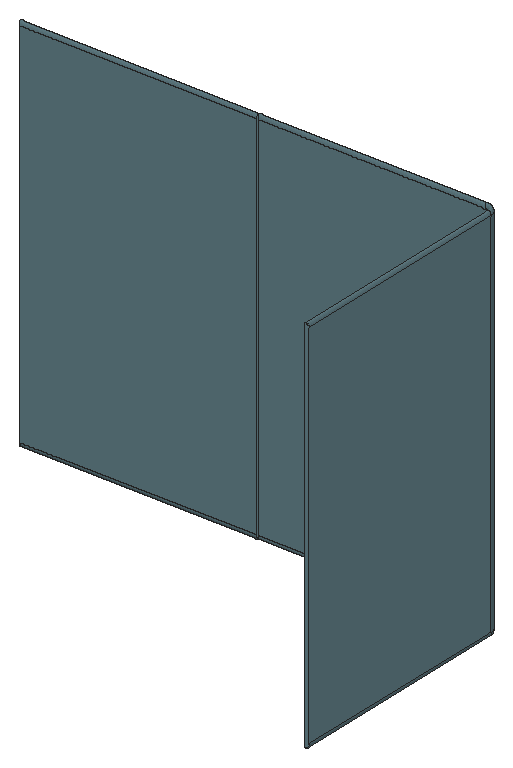
Revit family "FU_Panel_Sandler_Kern 1224PT", category Furniture, Revit 2022
Family settings
  OmniClass Number = 23.40.20.00
  OmniClass Title = General Furniture and Specialties
  Work Plane-Based = No
  Always vertical = Yes
  Cut with Voids When Loaded = No
  Render Appearance Source = Family Geometry
  Shared = No
  Room Calculation Point = No
Parameters (values of type "KERN 1224PTC")
  Width = 1366 mm
  URL = "https://www.sandlerseating.com/product/kern-1224pt/"
  Panel [instance] = Fabric - Mainline Flax - Pimlico MLF34
  Model = "KERN 1224PT"
  Manufacturer = "Sandler"
  Description = "Privacy screen for two-seat corner Kern modules with left-side backrest."
  Default Elevation = 0 mm
Reference planes
  plane 1 "Center (Front/Back)": y = 0
  plane 2: z = 0
  plane 3 "Center (Left/Right)": x = 0
  plane 4 "Right": x = -683
  plane 5 "Left": x = 683
  plane 6 "Panel Front": y = 366.5
  plane 7 "Panel Back": y = 377.5
  plane 8 "Panel Elevation": z = 170
  plane 9 "Height": z = 1260
  plane 10 "Front": y = -307.5
Forms (mm)
  Sweep 1, void
    path origin (0, 0, 0) x (0, -1, 0) y (0, 0, -1)
      loop
        line (-372, -160) -> (-372, -1295)
    profile "Pro_edgeCut_6mm_alt : Pro_edgeCut_6mm_alt" origin (0, 372, 727.5) x (0, -1, 0) y (1, 0, 0)
      loop
        arc (-5.939, -5.172) -> (0, 0) -> (5.945, -5.164) r 6
        arc (5.945, -5.164) -> (6.27, -5.762) -> (6.907, -6) r 0.971
        line (6.907, -6) -> (10.004, -6) -> (10.004, 2.035) -> (-9.996, 2.035) -> (-9.996, -6) -> (-6.89, -6)
        arc (-6.89, -6) -> (-6.26, -5.764) -> (-5.939, -5.172) r 0.961
  Sweep 2, void
    path origin (0, 0, 0) x (0, -1, 0) y (0, 0, 1)
      loop
        line (-372, 160) -> (-372, 1295)
    profile "Pro_edgeCut_6mm_alt : Pro_edgeCut_6mm_alt" origin (0, 372, 727.5) x (0, 1, 0) y (-1, 0, 0)
      loop
        arc (-5.939, -5.172) -> (0, 0) -> (5.945, -5.164) r 6
        arc (5.945, -5.164) -> (6.27, -5.762) -> (6.907, -6) r 0.971
        line (6.907, -6) -> (10.004, -6) -> (10.004, 2.035) -> (-9.996, 2.035) -> (-9.996, -6) -> (-6.89, -6)
        arc (-6.89, -6) -> (-6.26, -5.764) -> (-5.939, -5.172) r 0.961
  Sweep 3, void
    path origin (-683, 0, 0) x (0, -1, 0) y (0, 0, -1)
      loop
        line (-372, -160) -> (-372, -1295)
    profile "Pro_edgeCut_6mm_alt : Pro_edgeCut_6mm_alt" origin (-683, 372, 727.5) x (0, -1, 0) y (1, 0, 0)
      loop
        arc (5.939, 5.172) -> (0, 0) -> (-5.945, 5.164) r 6
        arc (-5.945, 5.164) -> (-6.27, 5.762) -> (-6.907, 6) r 0.971
        line (-6.907, 6) -> (-10.004, 6) -> (-10.004, -2.035) -> (9.996, -2.035) -> (9.996, 6) -> (6.89, 6)
        arc (6.89, 6) -> (6.26, 5.764) -> (5.939, 5.172) r 0.961
  Sweep 4, void
    path origin (0, -307.5, 0) x (1, 0, 0) y (0, 0, -1)
      loop
        line (677.499, -163.754) -> (677.499, -1273.754)
    profile "Pro_edgeCut_6mm_alt : Pro_edgeCut_6mm_alt" origin (677.499, -307.5, 718.754) x (1, 0, 0) y (0, 1, 0)
      loop
        arc (5.939, 5.172) -> (0, 0) -> (-5.945, 5.164) r 6
        arc (-5.945, 5.164) -> (-6.27, 5.762) -> (-6.907, 6) r 0.971
        line (-6.907, 6) -> (-10.004, 6) -> (-10.004, -2.035) -> (9.996, -2.035) -> (9.996, 6) -> (6.89, 6)
        arc (6.89, 6) -> (6.26, 5.764) -> (5.939, 5.172) r 0.961
  Sweep 5, solid, material "Fabric - Mainline Flax - Pimlico MLF34" <- "Panel"
    path origin (0, 0, 170) x (1, 0, 0) y (0, 1, 0)
      loop
        line (0, 372) -> (651.498, 372)
        arc (651.498, 372) -> (669.882, 364.385) -> (677.498, 346) r 26
        line (677.498, 346) -> (677.498, -307.5)
    profile "Pro_Kern_Panel : Pro_Kern_Panel" origin (325.749, 372, 170) x (0, 1, 0) y (0, 0, 1)
      loop
        spline (5.5, 1079) -> (5.313, 1081.847) -> (4.763, 1084.5) -> (3.889, 1086.778) -> (2.75, 1088.526) -> (1.424, 1089.625) -> (0, 1090) -> (-1.424, 1089.625) -> (-2.75, 1088.526) -> (-3.889, 1086.778) -> (-4.763, 1084.5) -> (-5.313, 1081.847) -> (-5.5, 1079)
        line (-5.5, 1079) -> (-5.5, 11)
        spline (-5.5, 11) -> (-5.313, 8.153) -> (-4.763, 5.5) -> (-3.889, 3.222) -> (-2.75, 1.474) -> (-1.424, 0.375) -> (0, 0) -> (1.424, 0.375) -> (2.75, 1.474) -> (3.889, 3.222) -> (4.763, 5.5) -> (5.313, 8.153) -> (5.5, 11)
        line (5.5, 11) -> (5.5, 1079)
  Sweep 6, solid, material "Fabric - Mainline Flax - Pimlico MLF34" <- "Panel"
    path origin (0, 0, 170) x (1, 0, 0) y (0, 1, 0)
      loop
        line (0, 371.992) -> (-683, 371.992)
    profile "Pro_Kern_Panel : Pro_Kern_Panel" origin (-341.5, 371.992, 170) x (0, -1, 0) y (0, 0, 1)
      loop
        spline (5.5, 1079) -> (5.313, 1081.847) -> (4.763, 1084.5) -> (3.889, 1086.778) -> (2.75, 1088.526) -> (1.424, 1089.625) -> (0, 1090) -> (-1.424, 1089.625) -> (-2.75, 1088.526) -> (-3.889, 1086.778) -> (-4.763, 1084.5) -> (-5.313, 1081.847) -> (-5.5, 1079)
        line (-5.5, 1079) -> (-5.5, 11)
        spline (-5.5, 11) -> (-5.313, 8.153) -> (-4.763, 5.5) -> (-3.889, 3.222) -> (-2.75, 1.474) -> (-1.424, 0.375) -> (0, 0) -> (1.424, 0.375) -> (2.75, 1.474) -> (3.889, 3.222) -> (4.763, 5.5) -> (5.313, 8.153) -> (5.5, 11)
        line (5.5, 11) -> (5.5, 1079)
Cuts and joins
  Sweep 1, Sweep 3 cuts Sweep 6
  Sweep 2, Sweep 4 cuts Sweep 5
Dimensions and locks
  equal spacing: plane 4 "Right", plane 3 "Center (Left/Right)", plane 5 "Left"
  "Width": plane 4 "Right" to plane 5 "Left"
  plane 1 "Center (Front/Back)" to plane 7 "Panel Back" = 377.5 mm
  locked: plane 7 "Panel Back" to plane 6 "Panel Front" at 11
  aligned and locked: level to plane 2
Automatic sketch dimensions
  plane 6 "Panel Front" to Sweep 1 sketch curve = 5.5 mm
  plane 9 "Height" to Sweep 1 sketch curve = 35 mm
  Sweep 1 sketch curve to plane 8 "Panel Elevation" = 10 mm
  plane 6 "Panel Front" to Sweep 2 sketch curve = 5.5 mm
  Sweep 2 sketch curve to plane 8 "Panel Elevation" = 10 mm
  plane 9 "Height" to Sweep 2 sketch curve = 35 mm
  plane 6 "Panel Front" to Sweep 3 sketch curve = 5.5 mm
  plane 9 "Height" to Sweep 3 sketch curve = 35 mm
  Sweep 3 sketch curve to plane 8 "Panel Elevation" = 10 mm
  plane 5 "Left" to Sweep 4 sketch curve = 5.501 mm
  plane 9 "Height" to Sweep 4 sketch curve = 13.754 mm
  Sweep 4 sketch curve to plane 8 "Panel Elevation" = 6.246 mm
  Sweep 5 sketch curve to plane 3 "Center (Left/Right)" = 0 mm
  plane 10 "Front" to Sweep 5 sketch curve = 0 mm
  plane 5 "Left" to Sweep 5 sketch curve = 31.502 mm
  plane 5 "Left" to Sweep 5 sketch curve = 5.502 mm
  Sweep 5 sketch curve to plane 6 "Panel Front" = 20.5 mm
  Sweep 6 sketch curve to plane 4 "Right" = 0 mm
  Sweep 6 sketch curve to plane 3 "Center (Left/Right)" = 0 mm
  plane 6 "Panel Front" to Sweep 6 sketch curve = 5.492 mm
